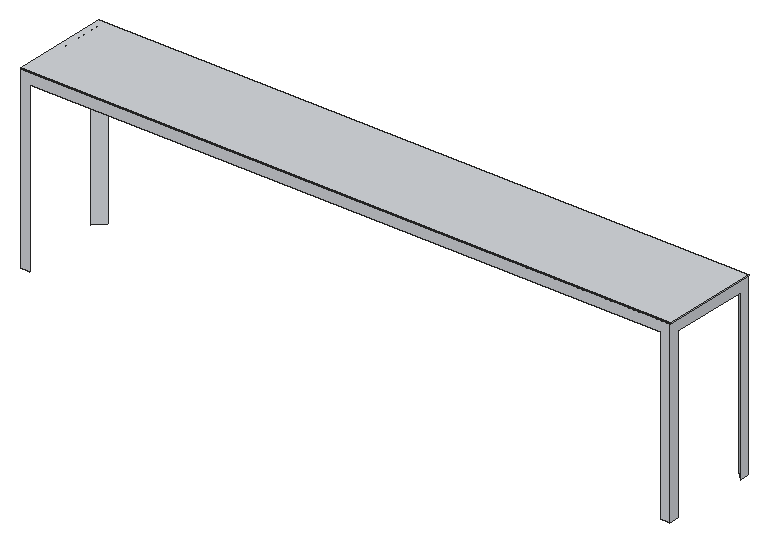
Revit family "FU.MT_Shallow table_3D", category Furniture, Revit 2021
Family settings
  OmniClass Number = 23.40.20.00
  OmniClass Title = General Furniture and Specialties
  Work Plane-Based = No
  Always vertical = Yes
  Cut with Voids When Loaded = No
  Shared = Yes
  Room Calculation Point = Yes
Parameters (values of type "4000x600x110")
  TX_TypeCode = ""
  Default Elevation = 0 cm
  DI_Width [instance] = 180 cm
  DI_Length [instance] = 360 cm
  DI_Height = 110 cm
Types (2, lengths in cm): name | DI_Height
  4000x600x750 | 75
  4000x600x110 | 110
Reference planes (cm)
  plane 1 "1": z = 1
  plane 2: z = 110
Forms (cm)
  Extrusion 1, solid
    sketch origin (-180, 0, 0) x (1, 0, 0) y (0, 1, 0)
      loop
        line (-40, 48.4215) -> (-40, -11.5785) -> (360, -11.5785) -> (360, 48.4215) -> (-40, 48.4215)
      loop
        line (-37, -8.5785) -> (357, -8.5785) -> (357, 45.4215) -> (-37, 45.4215) -> (-37, -8.5785)
    from 103 to 109.5
  Extrusion 2, solid
    sketch origin (-180, 0, 0) x (1, 0, 0) y (0, 1, 0)
      loop
        line (360, 48.4215) -> (354, 48.4215) -> (360, 42.4215) -> (360, 48.4215)
      loop
        line (-40, 48.4215) -> (-40, 42.4215) -> (-34, 48.4215) -> (-40, 48.4215)
      loop
        line (360, -11.5785) -> (360, -5.5785) -> (354, -11.5785) -> (360, -11.5785)
      loop
        line (-40, -11.5785) -> (-34, -11.5785) -> (-40, -5.5785) -> (-40, -11.5785)
    from 0 to 103
  Extrusion 3, solid
    sketch origin (103.4847, 0, 0) x (-1, 0, 0) y (0, -1, 0)
      loop
        line (-76.5153, -48.4215) -> (323.4847, -48.4215) -> (323.4847, 11.5785) -> (-76.5153, 11.5785) -> (-76.5153, -48.4215)
    from 109.5 to 110
Cuts and joins
  joined: Extrusion 1, Extrusion 2
Lines and regions (cm)
  reference lines
    curve 1: line (-223.1657, -56.5785, 109.5) -> (206.8343, -56.5785, 109.5)
    curve 2: line (240, -56.5785, 103) -> (-266, -56.5785, 103)
Dimensions and locks (cm)
  locked: plane 2 to curve 1 at 0.5
  "DI_Height": plane 2 to level
  locked: plane 2 to curve 2 at 7
  aligned and locked: plane 2 to Extrusion 3
  aligned and locked: curve 1 to cut or joined group of Extrusion 1, Extrusion 2
  aligned and locked: curve 1 to Extrusion 3
  aligned and locked: curve 2 to cut or joined group of Extrusion 1, Extrusion 2  (x3)
Automatic sketch dimensions
  Extrusion 1 sketch curve to Extrusion 1 sketch curve = 3 cm  (x4)
  Extrusion 1 sketch curve to Extrusion 1 sketch curve = 394 cm
  Extrusion 1 sketch curve to Extrusion 1 sketch curve = 54 cm
  Extrusion 2 sketch curve to Extrusion 2 sketch curve = 0 cm  (x3)
  Extrusion 2 sketch curve to Extrusion 2 sketch curve = 6 cm  (x8)
  Extrusion 2 sketch curve to Extrusion 2 sketch curve = 388 cm
  Extrusion 2 sketch curve to Extrusion 2 sketch curve = 48 cm  (x2)
  Extrusion 3 sketch curve to Extrusion 3 sketch curve = 400 cm
  Extrusion 3 sketch curve to Extrusion 3 sketch curve = 60 cm
  curve 2 to curve 1 = 42.8343 cm
  curve 1 to curve 1 = 430 cm
  curve 1 to curve 2 = 33.1657 cm
